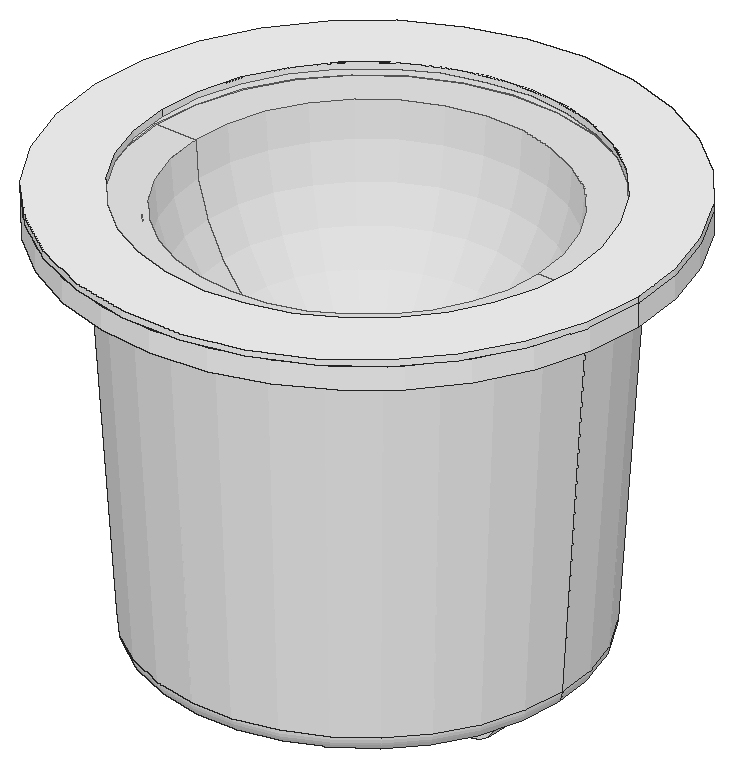
Revit family "2058932", category Lighting Fixtures, host Face, Revit 2018
Family settings
  Host = Face
  Round Connector Dimension = Use Diameter
  Part Type = Normal
  OmniClass Number = 23.80.70.11.17
  OmniClass Title = Specialized Lighting by Location or Use
  Cut with Voids When Loaded = No
  Light Source = Yes
  Shared = No
  Room Calculation Point = No
Parameters (values of type "2058932 MYRIAD DECO IP65 SP 3K PHD WH CBEZ")
  Weight = "n/a"
  Wattage = 15 W
  WarrantyStartDate [instance] = "n/a"
  WarrantyGuarantorParts = "n/a"
  WarrantyDurationUnit = "n/a"
  WarrantyDurationParts = ""
  WarrantyDescription = "http://www.sylvania-lighting.com"
  built-in parameter 1150110 = 1 (stored number, unit not read)
  Voltage = 230 V
  URL = "0"
  TypeName = "MYRIAD DECO IP65 SPOT 3000K PHDM WHITE CBEZ"
  Type Image = 0
  Type Comments = ""
  built-in parameter 1114217 = 1 (stored number, unit not read)
  Tilt Angle = -90°
  built-in parameter 1150109 = 1 (stored number, unit not read)
  built-in parameter 1150134 = (empty or 0)
  built-in parameter 1150113 = 1 (stored number, unit not read)
  SerialNumber [instance] = "n/a"
  Reflector Radius = Cutout Diameter / 2 - 2.5 mm  # 35.0 mm
  Reflector Material = Aluminum_Sylvania_Myriad_Bright
  Recessed Depth = Height  # 72.0 mm
  PowerFactor = 0
  PowerConsumption = "Lighting"
  Photometric Web File = "2058932.ies"
  NominalWidth = 0.0 mm
  NominalLength = 76.0 mm
  NominalHeight = 72.0 mm
  Name = "MYRIAD DECO IP65 SPOT 3000K PHDM WHITE CBEZ"
  ModelReference = "MYRIAD DECO IP65 SPOT 3000K PHDM WHITE CBEZ"
  ModelNumber = "2058932"
  Material = "Feilo Sylvania"
  ManufacturerName = "111 lm/W"
  LuminousEfficacy = ""
  LuminaireType = "0"
  LightOutputRatio = "LED"
  LampsType = Lamp  # "n/a"
  LampNominalLuminous = "3000 K"
  LampMacAdamStep = "90"
  LampColourTemperature = "LED"
  LampColourRenderingIndex = "16500"
  Keynote = "n/a"
  Keynote_2 = "16500"
  InstallationDate [instance] = "n/a"
  InputVoltage = "0"
  InputNominalFrequency = "3000"
  IngressProtection = "IfcLightFixtureType"
  ImpactProtectionIndex = "IfcLightFixtureType"
  IfcExportType = "IfcLightFixtureType"
  IfcExportAs = "Class II"
  Height = 72.0 mm  # constant formula
  ExpectedLife = 50000
  Emit from Circle Diameter = Accessory Inner Diameter 2  # 68.0 mm
  Emit Shape Visible in Rendering = no
  ElectricShockClassification = "111"
  DurationUnit = "hours"
  DocumentationLiterature = "http://www.sylvania-lighting.com/product/en-int/products/2058932"
  DimmingControlOptions = "n/a"
  Diffuser Material = Glass_Sylvania_Myriad_Clear_4000K
  Diffuser Diameter = Cutout Diameter  # 75.0 mm
  Cutout Diameter = 75.0 mm  # constant formula
  CreatedOn = "03/02/2022"
  CreatedBy = "@sylvania-lighting.com"
  Cost = 0
  built-in parameter 1114216 [instance] = 1 (stored number, unit not read)
  Model = "MYRIAD DECO IP65 SPOT 3000K PHDM WHITE CBEZ"
  Manufacturer = "Feilo Sylvania"  # constant formula
  built-in parameter 1150105 = 83.556 (stored number, unit not read)
  Lumens = 1050 lm
  built-in parameter 1150115 = 1 (stored number, unit not read)
  built-in parameter 1150137 = (empty or 0)
  built-in parameter 1150139 = (empty or 0)
  built-in parameter 1150112 = 1 (stored number, unit not read)
  built-in parameter 1150114 = 1 (stored number, unit not read)
  Lamp = "n/a"
  built-in parameter 1150132 = (empty or 0)
  built-in parameter 1150102 = (empty or 0)
  built-in parameter 1150107 = 2700 (stored number, unit not read)
  built-in parameter 1150138 = (empty or 0)
  built-in parameter 1150106 = 0.83556 (stored number, unit not read)
  built-in parameter 1150104 = 6.5032 (stored number, unit not read)
  Dimming Lamp Color Temperature Shift = <None>
  Description = "Supplied complete with electronic control gear Compact Fluorescent low energy downlight Emergency version passes through the cut out Ideal for low level orientation lighting New range of Architectural accessories each providing a different lit dimension New completely flush plaster up accessory ring for clean ceiling lines and smooth finish Order lamp separately"  # constant formula
  Default Elevation = 0.0 mm
  Color Filter = 16777215
  built-in parameter 1140040 [instance] = 1
  Body Radius = Reflector Radius + 1.5 mm  # 36.5 mm
  Body Material = Aluminum_Sylvania_Myriad_Gray
  BarCode [instance] = "n/a"
  built-in parameter 1114218 = 1 (stored number, unit not read)
  built-in parameter 1150133 = 10 (stored number, unit not read)
  AssetType = "Fixed"
  AssetIdentifier [instance] = "n/a"
  Assembly Code = "D5020200"
  Apparent Load = 10 VA
  Accessory Material = Aluminum_Sylvania_Myriad_White
  Accessory Inner Diameter 2 = Accessory Diameter - 22.0 mm  # 68.0 mm
  Accessory Inner Diameter 1 = Accessory Diameter - 2.0 mm  # 88.0 mm
  Accessory Diameter = Cutout Diameter + 15.0 mm  # 90.0 mm
Reference planes
  plane 1 "Center (Front/Back)": y = 0
  plane 2: z = 0
  plane 3 "Center (Left/Right)": x = 0
  plane 4: z = 2
  plane 5 "Fixture Bottom": z = 4.5
  plane 6: z = -28.5
  plane 7: z = -61.5
  plane 8 "Fixture Top": z = -67.5
  plane 9: z = 3.5
Forms (mm)
  Revolve 1, solid, material "Aluminum_Sylvania_Myriad_Bright" <- "Reflector Material", detail levels fine
    sketch origin (0, 0, 0) x (1, 0, 0) y (0, 0, 1)
      loop
        line (0, -27.515) -> (-6, -27.515)
        arc (-6, -27.515) -> (-22.333, -16.632) -> (-28.5, 2) r 30.135
        line (-28.5, 2) -> (-35, 2) -> (-35, 0) -> (-29.184, 0)
        arc (-29.184, 0) -> (-22.423, -18.18) -> (-6, -28.5) r 30.204
        line (-6, -28.5) -> (0, -28.5) -> (0, -27.515)
      axis (0, -28.5) -> (0, 2)
    angle from 0 to 360
  Revolve 2, solid, material "Aluminum_Sylvania_Myriad_Gray" <- "Body Material", detail levels fine
    sketch origin (0, 0, 0) x (1, 0, 0) y (0, 0, 1)
      loop
        line (-44, 2) -> (-44, 0) -> (-36.5, 0) -> (-32.42, -58.708)
        arc (-32.42, -58.708) -> (-31.474, -60.694) -> (-29.428, -61.5) r 3
        line (-29.428, -61.5) -> (0, -61.5) -> (0, -28.5) -> (-6, -28.5)
        arc (-6, -28.5) -> (-22.423, -18.18) -> (-29.184, 0) r 30.204
        line (-29.184, 0) -> (-35, 0) -> (-35, 2) -> (-44, 2)
      axis (0, 2) -> (0, -61.5)
    angle from 0 to 360
  Extrusion 3, solid, material "Aluminum_Sylvania_Myriad_Gray" <- "Body Material", detail levels fine
    sketch origin (0, 0, 0) x (1, 0, 0) y (0, 0, 1)
      loop
        line (-13.5, -67.5) -> (21, -67.5)
        arc (21, -67.5) -> (23.828, -66.328) -> (25, -63.5) r 4
        line (25, -63.5) -> (25, -61.5) -> (-17.5, -61.5) -> (-17.5, -63.5)
        arc (-17.5, -63.5) -> (-16.328, -66.328) -> (-13.5, -67.5) r 4
    from -4.5 to 4.5
  Extrusion 4, solid, material "Aluminum_Sylvania_Myriad_White" <- "Accessory Material", detail levels fine
    sketch origin (0, 0, 0) x (1, 0, 0) y (0, 1, 0)
      loop
        circle (0, 0) r 45
      loop
        circle (0, 0) r 44
    from 0 to 3.5
  Extrusion 5, solid, material "Aluminum_Sylvania_Myriad_White" <- "Accessory Material", detail levels fine
    sketch origin (0, 0, 0) x (1, 0, 0) y (0, 1, 0)
      loop
        circle (0, 0) r 45
      loop
        circle (0, 0) r 34
    from 3.5 to 4.5
  Extrusion 6, solid, material "Aluminum_Sylvania_Myriad_White" <- "Accessory Material", detail levels coarse+medium
    sketch origin (0, 0, 0) x (1, 0, 0) y (0, 1, 0)
      loop
        circle (0, 0) r 45
    from 0 to 4.5
  Revolve 7, solid, detail levels coarse+medium
    sketch origin (0, 0, 0) x (1, 0, 0) y (0, 0, 1)
      loop
        line (36.5, 0) -> (0, 0) -> (0, -61.5) -> (32.226, -61.5) -> (36.5, 0)
      axis (0, 0) -> (0, -61.5)
    angle from 0 to 360
  Extrusion 8, void
    sketch origin (0, 0, 0) x (1, 0, 0) y (0, 1, 0)
      loop
        circle (0, 0) r 37.5
    from -67.5 to 0
  Extrusion 9, solid, material "Glass_Sylvania_Myriad_Clear_4000K" <- "Diffuser Material", detail levels fine
    sketch origin (0, 0, 0) x (1, 0, 0) y (0, 1, 0)
      loop
        circle (0, 0) r 37.5
    from 2 to 3.5
Cuts and joins
  joined: Extrusion 4, Extrusion 5
Lines and regions (mm)
  Masking region 1
    outline origin (0, 0, 0) x (1, 0, 0) y (0, 1, 0)
      loop
        circle (0, 0) r 45
  symbolic lines
    curve 1: arc (-34, 0, 0) -> (0, 34, 0) -> (34, 0, 0) r 34
    curve 2: arc (34, 0, 0) -> (0, -34, 0) -> (-34, 0, 0) r 34
Dimensions and locks
  locked: plane 7 to plane 8 "Fixture Top" at 6
  "Body Radius": Revolve 7 sketch curve to plane 3 "Center (Left/Right)"
  locked: Revolve 7 sketch curve to Revolve 7 sketch curve at 4.274
  plane 5 "Fixture Bottom" to plane 9 to plane 4 to plane 2 to plane 6 = 1.0 mm locked, 1.5 mm locked, 2.0 mm locked, 28.5 mm locked
  "Reflector Radius": Revolve 1 sketch curve to plane 3 "Center (Left/Right)"
  Revolve 1 sketch curve to Revolve 1 sketch curve to Revolve 1 sketch curve to Revolve 1 sketch curve = 6.5 mm locked, 22.5 mm locked, 0.0 mm locked
  "Reflector Radius": plane 3 "Center (Left/Right)" to Revolve 2 sketch curve
  Revolve 2 sketch curve to Revolve 2 sketch curve to Revolve 2 sketch curve = 7.5 mm locked, 1.5 mm locked
  Revolve 2 sketch curve to Revolve 2 sketch curve to Revolve 2 sketch curve = 5.816 mm locked, 23.184 mm locked
  Revolve 2 sketch curve to Revolve 2 sketch curve to Revolve 2 sketch curve = 2.58 mm locked, 2.993 mm locked
  "Accessory Diameter": diameter of Extrusion 4 sketch curve
  "Accessory Inner Diameter 1": diameter of Extrusion 4 sketch curve
  "Accessory Diameter": diameter of Extrusion 5 sketch curve
  "Accessory Diameter": diameter of Extrusion 6 sketch curve
  "Cutout Diameter": diameter of Extrusion 8 sketch curve
  "Accessory Inner Diameter 2": diameter of Extrusion 5 sketch curve
  "Diffuser Diameter": diameter of Extrusion 9 sketch curve
  aligned and locked: plane 2 to host face
  aligned and locked: level to host face
  aligned and locked: plane 1 "Center (Front/Back)" to imposter light
  aligned and locked: plane 3 "Center (Left/Right)" to imposter light
  aligned and locked: Revolve 1 sketch curve to imposter light
  aligned and locked: Extrusion 3 sketch curve to plane 8 "Fixture Top"
  aligned and locked: plane 7 to Extrusion 3 sketch curve
  aligned and locked: Extrusion 4 to plane 2
  aligned and locked: plane 9 to Extrusion 4
  aligned and locked: Extrusion 5 to plane 9
  aligned and locked: plane 5 "Fixture Bottom" to Extrusion 5
  aligned and locked: Extrusion 6 to plane 2
  aligned and locked: plane 5 "Fixture Bottom" to Extrusion 6
  aligned and locked: Extrusion 8 to plane 8 "Fixture Top"
  aligned and locked: plane 2 to Extrusion 8
  aligned and locked: Masking region 1 sketch curve to Extrusion 6  (x2)
  aligned and locked: Extrusion 9 to plane 4
  aligned and locked: plane 9 to Extrusion 9
  aligned and locked: plane 4 to Revolve 2 sketch curve
  aligned and locked: Revolve 2 sketch curve to plane 2
  aligned and locked: curve 1 to cut or joined group of Extrusion 4, Extrusion 5
  aligned and locked: curve 2 to cut or joined group of Extrusion 4, Extrusion 5
  aligned and locked: imposter light to plane 5 "Fixture Bottom"
Automatic sketch dimensions
  host sketch curve to host sketch curve = 1305.563 mm
  host sketch curve to host sketch curve = 1283.632 mm
  Extrusion 3 sketch curve to plane 7 = 2.0 mm
  Extrusion 3 sketch curve to plane 3 "Center (Left/Right)" = 13.5 mm
  plane 3 "Center (Left/Right)" to Extrusion 3 sketch curve = 21.0 mm
  Extrusion 3 sketch curve to Extrusion 3 sketch curve = 4.0 mm
  Revolve 1 sketch curve to level = 0.0 mm
  Revolve 1 sketch curve to plane 3 "Center (Left/Right)" = 0.0 mm
  Revolve 1 sketch curve to plane 6 = 0.0 mm
  Revolve 1 sketch curve to plane 4 = 0.0 mm
  Revolve 1 sketch curve to Revolve 1 sketch curve = 0.684 mm
  level to Revolve 1 sketch curve = 0.88 mm
  Revolve 1 sketch curve to plane 4 = 0.363 mm
  Revolve 1 sketch curve to Revolve 1 sketch curve = 0.625 mm
  Revolve 1 sketch curve to plane 8 "Fixture Top" = 232.8 mm
  plane 5 "Fixture Bottom" to Revolve 1 sketch curve = 291.243 mm
  Revolve 2 sketch curve to plane 3 "Center (Left/Right)" = 0.0 mm  (x2)
  Revolve 2 sketch curve to plane 7 = 0.0 mm
  Revolve 2 sketch curve to plane 6 = 0.0 mm
  Revolve 2 sketch curve to level = 0.0 mm
  level to Revolve 2 sketch curve = 0.88 mm
  plane 7 to Revolve 2 sketch curve = 2.792 mm
  Revolve 2 sketch curve to plane 8 "Fixture Top" = 304.774 mm
  plane 5 "Fixture Bottom" to Revolve 2 sketch curve = 1137.105 mm
  Extrusion 4 sketch curve to Extrusion 4 sketch curve = 0.0 mm  (x2)
  plane 1 "Center (Front/Back)" to Extrusion 4 sketch curve = 0.0 mm
  Extrusion 4 sketch curve to plane 3 "Center (Left/Right)" = 0.0 mm
  Extrusion 5 sketch curve to Extrusion 5 sketch curve = 0.0 mm  (x2)
  plane 1 "Center (Front/Back)" to Extrusion 5 sketch curve = 0.0 mm
  Extrusion 5 sketch curve to plane 3 "Center (Left/Right)" = 0.0 mm
  plane 1 "Center (Front/Back)" to Extrusion 6 sketch curve = 0.0 mm
  Extrusion 6 sketch curve to plane 3 "Center (Left/Right)" = 0.0 mm
  Revolve 7 sketch curve to level = 0.0 mm
  Revolve 7 sketch curve to plane 3 "Center (Left/Right)" = 0.0 mm  (x2)
  Revolve 7 sketch curve to plane 7 = 0.0 mm
  Revolve 7 sketch curve to plane 8 "Fixture Top" = 304.774 mm
  plane 5 "Fixture Bottom" to Revolve 7 sketch curve = 43.226 mm
  plane 1 "Center (Front/Back)" to Extrusion 8 sketch curve = 0.0 mm
  Extrusion 8 sketch curve to plane 3 "Center (Left/Right)" = 0.0 mm
  plane 1 "Center (Front/Back)" to Extrusion 9 sketch curve = 0.0 mm
  Extrusion 9 sketch curve to plane 3 "Center (Left/Right)" = 0.0 mm
Connectors
  electrical at (-0.006, -0.019, -67.5), driven by "Apparent Load", driven by "Apparent Load"
    settings: on plane 8 "Fixture Top", index 1, voltage 230 V, apparent load 10 VA, apparent load phase1 10 VA, apparent load phase2 0 VA, apparent load phase3 0 VA, power factor 1, load classification "Lighting", number of poles 1, system type 30, power factor state 1, is connector primary yes, connector utility no, sub classification motor no, connector description ""
